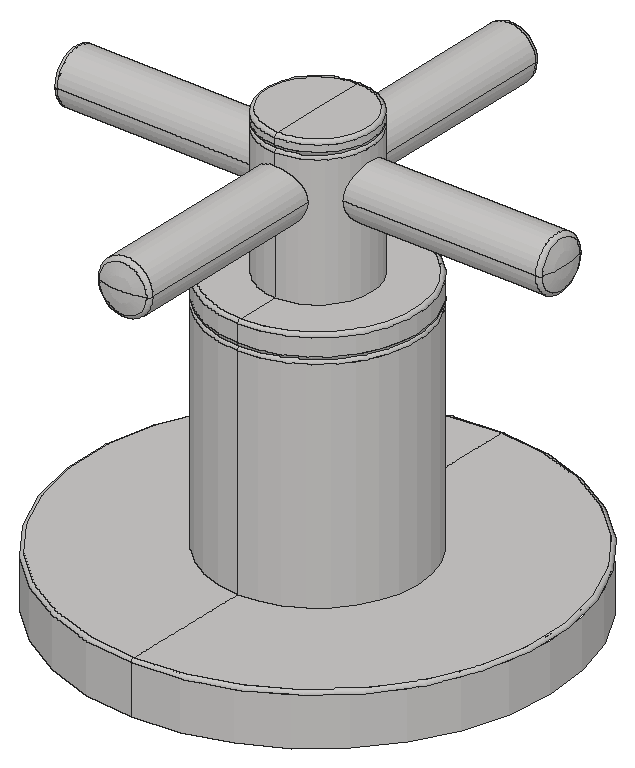
Revit family "Grohe_ConcealedStopValveTrim_Atrio_29396000", category Plumbing Fixtures, host Face, Revit 2020
Family settings
  Host = Face
  Round Connector Dimension = Use Diameter
  Part Type = Normal
  OmniClass Number = 23.45.05.00
  OmniClass Title = Sanitary Equipment
  Cut with Voids When Loaded = No
  Shared = No
  Room Calculation Point = No
Parameters (values of type "ATRIO Concealed stop-valve trim (29396000)")
  _ObjectUserGuide = "https://www.bimstore.co/products/grohe-29396000/document/object-user-guide"
  _DistributedBy = "https://www.bimstore.co/"
  _CurrentRevision = 1
  _CreatedBy = "https://www.bimstore.co/"
  _BimSpecGuid = 0
  _BSBibleVersion = 17
  _AuthorizedBy = "bimstore"
  _Author = "RL 146"
  WarrantyStartDate [instance] = "Please Record On Commissioning."
  WarrantyGuarantorParts = "info-uk@grohe.com"
  WarrantyGuarantorLabor = "info-uk@grohe.com"
  WarrantyDurationUnit = "Years"
  WarrantyDurationParts = "0"
  WarrantyDurationLabor = "0"
  WarrantyDescription = "n/a"
  URL = "https://www.grohe.co.uk/"
  TypeName = "ATRIO Concealed stop-valve trim"
  Type Comments = "ATRIO Concealed stop-valve trim"
  TPIDocumentLink = "n/a"
  SustainabilityReport = "green.grohe.com/reporting"
  SustainabilityAward = "green.grohe.com/awards"
  SpareParts = "info-uk@grohe.com"
  Size = "n/a"
  Shape = "n/a"
  SerialNumber [instance] = "Please Record On Commissioning."
  ReplacementCost = "n/a"
  ReferencedStandard = "n/a"
  ProductionYear = "2023"
  ProductType = "n/a"
  ProductShortText = "n/a"
  ProductPageURL = "https://www.grohe.co.uk/en_gb/concealed-stop-valve-trim-29396000.html"
  ProductNumber = "29396000"
  ProductDescription = "n/a"
  PrimaryMaterial = Grohe_Chrome
  PQDiagramLink = "n/a"
  NominalLength = 0 mm
  NominalHeight = 0 mm
  NominalDepth = 0 mm
  NBSReference = "90-10-90/330"
  NBSOfficeMasterTag = "n/a"
  NBSObjectName = "Grohe - Ball valves"
  NBSNote = "n/a"
  NBSDescription = "Ball valves"
  ModelReference = "ATRIO Concealed stop-valve trim"
  ModelNumber = "29396000"
  Model = "ATRIO Concealed stop-valve trim"
  Material = "n/a"
  ManufacturerName = "Grohe"
  Manufacturer = "Grohe"
  Keynote = "N13"
  InstallationDate [instance] = "Please Record On Commissioning."
  IfcExportType = "IfcPipeFittingType"
  IfcExportAs = "IfcPipeFitting"
  Grade = "n/a"
  GROHESustainability = "green.grohe.com"
  GROHESocialCommittment = "green.grohe.com/social_engagement"
  FullRecyclabilityOfPlastic = "All plastic components are fully recycable"
  Finish = "n/a"
  Features = "n/a"
  ExpectedLife = 0
  Ecojoy = no
  DurationUnit = "Years"
  DocumentationTechnical = "https://www.bimstore.co/products/grohe-29396000/document/technical-data-sheet"
  DocumentationMaintenance = "https://www.bimstore.co/products/grohe-29396000/document/maintenance-information"
  DocumentationLiterature = "https://www.bimstore.co/products/grohe-29396000/document/product-literature"
  DocumentationInstallationGuide = "https://www.bimstore.co/products/grohe-29396000/document/installation-guide"
  DocumentationCertificates = "https://www.bimstore.co/products/grohe-29396000/document/product-certificates"
  DimensionsDocumentLink = "n/a"
  Description = "ATRIO Concealed stop-valve trim"
  Default Elevation = 0 mm
  CreatedOn = "2023-08-14T:09:00:00"
  CreatedBy = "info-uk@grohe.com"
  CradleToCradleCertification = "n/a"
  Cost = 0
  Constituents = "n/a"
  Color = "Chrome"
  CodePerformance = "n/a"
  ClassificationValue = "Pr_65_54_95_06"
  ClassificationName = "Uniclass2015"
  CO2NeutralProduction = "GROHE is one of the first leading manufacturer within the sanitary industry having a CO2-neutral production."
  BarCode [instance] = "Please Record On Commissioning."
  BIMObjectName = "Grohe_ConcealedStopValveTrim_Atrio_29396000"
  AssetType = "Fixed"
  AssetIdentifier [instance] = "n/a"
  Assembly Code = "D2010"
  AccessibilityPerformance = "n/a"
Reference planes
  plane 1 "Center (Front/Back)": y = 0
  plane 2: z = 0
  plane 3 "Center (Left/Right)": x = 0
  plane 4: z = 58.3
Forms (mm)
  Revolve 1, solid, material "Grohe_Chrome" <- "PrimaryMaterial"
    sketch origin (0, 37.1, 58.3) x (0, 1, 0) y (-1, 0, 0)
      loop
        line (-37.1, 37.1) -> (-37.1, -37.1)
        arc (-37.1, -37.1) -> (-35.325, -36.966) -> (-33.591, -36.565) r 11.779
        arc (-33.591, -36.565) -> (-33.236, -36.312) -> (-33.1, -35.897) r 0.7
        line (-33.1, -35.897) -> (-33.1, 35.897)
        arc (-33.1, 35.897) -> (-33.236, 36.312) -> (-33.591, 36.565) r 0.7
        arc (-33.591, 36.565) -> (-35.325, 36.966) -> (-37.1, 37.1) r 11.779
      axis (-37.1, 37.1) -> (-37.1, -37.1)
    angle from 0 to 360
  Revolve 2, solid, material "Grohe_Chrome" <- "PrimaryMaterial"
    sketch origin (0, 37.1, 58.3) x (0, 1, 0) y (-1, 0, 0)
      loop
        line (-74.2, 0) -> (0, 0)
        arc (0, 0) -> (-0.134, 1.775) -> (-0.535, 3.509) r 11.779
        arc (-0.535, 3.509) -> (-0.788, 3.864) -> (-1.203, 4) r 0.7
        line (-1.203, 4) -> (-72.997, 4)
        arc (-72.997, 4) -> (-73.412, 3.864) -> (-73.665, 3.509) r 0.7
        arc (-73.665, 3.509) -> (-74.066, 1.775) -> (-74.2, 0) r 11.779
      axis (-74.2, 0) -> (0, 0)
    angle from 0 to 360
  Revolve 3, solid, material "Grohe_Chrome" <- "PrimaryMaterial"
    sketch origin (0, 0, 0) x (0, 1, 0) y (0, 0, 1)
      loop
        line (0, 0) -> (35, 0) -> (35, 7.2)
        arc (35, 7.2) -> (34.854, 7.554) -> (34.5, 7.7) r 0.5
        line (34.5, 7.7) -> (15, 7.7) -> (15, 40.482)
        arc (15, 40.482) -> (14.854, 40.835) -> (14.5, 40.982) r 0.5
        arc (14.5, 40.982) -> (14.854, 41.128) -> (15, 41.482) r 0.5
        line (15, 41.482) -> (15, 44.082)
        arc (15, 44.082) -> (14.854, 44.435) -> (14.5, 44.582) r 0.5
        line (14.5, 44.582) -> (8, 44.582) -> (8, 64.08)
        arc (8, 64.08) -> (7.854, 64.434) -> (7.5, 64.58) r 0.5
        arc (7.5, 64.58) -> (7.854, 64.726) -> (8, 65.08) r 0.5
        line (8, 65.08) -> (8, 66.08)
        arc (8, 66.08) -> (7.854, 66.434) -> (7.5, 66.58) r 0.5
        line (7.5, 66.58) -> (0, 66.58) -> (0, 0)
      axis (0, 66.58) -> (0, 0)
    angle from 0 to 360
Cuts and joins
  joined: Revolve 1, Revolve 2, Revolve 3
Dimensions and locks
  aligned and locked: plane 2 to host face
  aligned and locked: level to host face
